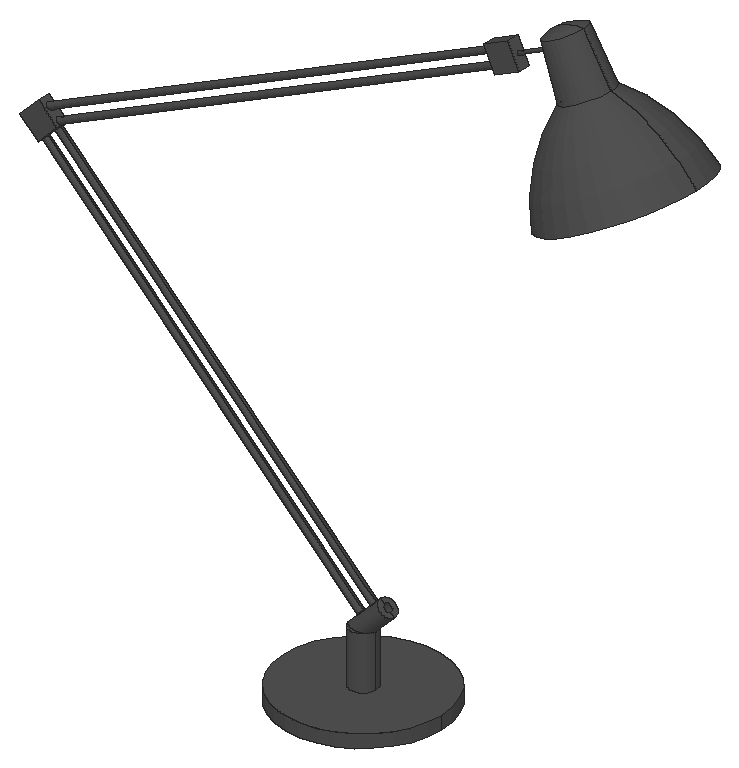
Revit family
Parameters (values of type "60 와트 백열")
  Wattage = 60 W
  built-in parameter 1150110 = 1 (stored number, unit not read)
  built-in parameter 1114217 = 1 (stored number, unit not read)
  built-in parameter 1150109 = 1 (stored number, unit not read)
  built-in parameter 1150134 = 4
  built-in parameter 1150113 = 1 (stored number, unit not read)
  Tilt Angle = 90.00°
  built-in parameter 1010507 = 1.5708 (stored number, unit not read)
  built-in parameter 1010506 = 0.5236 (stored number, unit not read)
  built-in parameter 1150115 = 1 (stored number, unit not read)
  built-in parameter 1150105 = 2858.8 (stored number, unit not read)
  Light Source Symbol Length = 1000 mm
  built-in parameter 1150137 = (empty or 0)
  built-in parameter 1150139 = (empty or 0)
  built-in parameter 1150112 = 1 (stored number, unit not read)
  built-in parameter 1150114 = 1 (stored number, unit not read)
  Lamp = "A-19"
  Lumens = 855 lm
  음영처리 = 금속 - 크롬
  스탠드 = 금속 - 크롬
  Wattage Comments = "60"
  built-in parameter 1150132 = (empty or 0)
  built-in parameter 1150102 = (empty or 0)
  built-in parameter 1150138 = (empty or 0)
  built-in parameter 1150107 = 2800 (stored number, unit not read)
  built-in parameter 1150106 = 28.588 (stored number, unit not read)
  built-in parameter 1150104 = 1.3239 (stored number, unit not read)
  Dimming Lamp Color Temperature Shift = (empty or 0)
  Color Filter = 16777215
  built-in parameter 1114218 = 1 (stored number, unit not read)
  built-in parameter 1150133 = 10 (stored number, unit not read)
Types (3, lengths in mm): name | Wattage | built-in parameter 1150105 | Lamp | Lumens | Wattage Comments | built-in parameter 1150106 | built-in parameter 1150104
  (no name) | 60 W | 2858.8 (stored number, unit not read) | "A-19" | 855 lm | "60" | 28.588 (stored number, unit not read) | 1.3239 (stored number, unit not read)
  100 와트 백열 | 100 W | 4012.3 (stored number, unit not read) | "R-30" | 1200 lm | "100" | 40.123 (stored number, unit not read) | 1.1148 (stored number, unit not read)
  60 와트 백열 | 60 W | 2858.8 (stored number, unit not read) | "A-19" | 855 lm | "60" | 28.588 (stored number, unit not read) | 1.3239 (stored number, unit not read)
Reference planes
  plane 1 "광원 축": y = 0
  plane 2: z = 0
  plane 3: through (-31.75, 0, 31.75) normal (-0.7071, 0, 0.7071)
  plane 4: through (34.245, 0, 34.245) normal (0.7071, 0, 0.7071)
  plane 5: through (52.205, 0, 52.205) normal (0.7071, 0, 0.7071)
  plane 6: through (48.637, 0, 48.637) normal (0.7071, 0, 0.7071)
  plane 7: through (-213.455, 0, 457.757) normal (0.4226, 0, -0.9063)
  plane 8: through (-210.772, 0, 452.002) normal (0.4226, 0, -0.9063)
  plane 9: through (-206.746, 0, 443.369) normal (0.4226, 0, -0.9063)
  plane 10: through (-204.063, 0, 437.614) normal (0.4226, 0, -0.9063)
  plane 11: through (-208.371, 0, 446.853) normal (0.4226, 0, -0.9063)
  plane 12: through (363.488, 0, 169.497) normal (0.9063, 0, 0.4226)
  plane 13: through (455.569, 0, 212.435) normal (0.9063, 0, 0.4226)
  plane 14: through (392.263, 0, 182.915) normal (0.9063, 0, 0.4226)
  plane 15: through (426.793, 0, 199.017) normal (0.9063, 0, 0.4226)
  plane 16: through (-177.757, 0, 381.201) normal (0.4226, 0, -0.9063)
  plane 17 "광원 축": x = 228.6
  plane 18 "광원 입면도": z = 575
  plane 19: z = 575
  plane 20: x = 228.6
Forms (mm)
  Extrusion 1, solid, material "금속 - 크롬" <- "스탠드"
    sketch origin (0, 0, 0) x (1, 0, 0) y (0, 1, 0)
      loop
        circle (0, 0) r 76.2
    from 0 to 12.7
  Revolve 2, solid, material "금속 - 크롬" <- "스탠드"
    sketch origin (0, 0, 0) x (1, 0, 0) y (0, 0, 1)
      loop
        line (-12.7, 12.7) -> (0, 12.7) -> (0, 63.5) -> (-12.7, 63.5) -> (-12.7, 12.7)
      axis (0, 63.5) -> (0, 12.7)
    angle from 0 to 360
  Revolve 3, solid, material "금속 - 크롬" <- "스탠드"
    sketch origin (0, 0, 0) x (1, 0, 0) y (0, 0, 1)
      loop
        line (-12.7, 63.5) -> (-5.965, 63.5) -> (20.976, 90.441) -> (17.608, 93.808) -> (-12.7, 63.5)
      axis (-6.35, 57.15) -> (23.958, 87.458)
    angle from 0 to 360
  Revolve 4, solid, material "금속 - 크롬" <- "스탠드"
    sketch origin (0, 0, 0) x (1, 0, 0) y (0, 0, 1)
      loop
        line (-4.218, 72.707) -> (-1.973, 74.952) -> (-325.262, 398.241) -> (-327.507, 395.996) -> (-4.218, 72.707)
      axis (-1.973, 74.952) -> (-325.262, 398.241)
    angle from 0 to 360
  Revolve 5, solid, material "금속 - 크롬" <- "스탠드"
    sketch origin (0, 0, 0) x (1, 0, 0) y (0, 0, 1)
      loop
        line (10.537, 86.737) -> (12.782, 88.982) -> (-310.596, 412.36) -> (-312.841, 410.115) -> (10.537, 86.737)
      axis (10.537, 86.737) -> (-312.841, 410.115)
    angle from 0 to 360
  Extrusion 6, solid, material "금속 - 크롬" <- "스탠드"
    sketch origin (0, 0, 0) x (1, 0, 0) y (0, 0, 1)
      loop
        line (-327.507, 395.996) -> (-309.546, 378.036) -> (-291.586, 395.996) -> (-309.546, 413.957) -> (-327.507, 395.996)
    from -6.35 to 6.35
  Revolve 7, solid, material "금속 - 크롬" <- "스탠드"
    sketch origin (0, 0, 0) x (1, 0, 0) y (0, 0, 1)
      loop
        line (-304.081, 408.491) -> (133.304, 612.447) -> (132.043, 615.151) -> (-306.326, 410.736) -> (-304.081, 408.491)
      axis (-305.065, 408.032) -> (133.304, 612.447)
    angle from 0 to 360
  Revolve 8, solid, material "금속 - 크롬" <- "스탠드"
    sketch origin (0, 0, 0) x (1, 0, 0) y (0, 0, 1)
      loop
        line (-294.421, 395.479) -> (142.963, 599.435) -> (141.621, 602.312) -> (-295.763, 398.357) -> (-294.421, 395.479)
      axis (-295.763, 398.357) -> (141.621, 602.312)
    angle from 0 to 360
  Extrusion 9, solid, material "금속 - 크롬" <- "스탠드"
    sketch origin (0, 0, 0) x (1, 0, 0) y (0, 0, 1)
      loop
        line (145.184, 624.993) -> (122.393, 614.366) -> (133.128, 591.345) -> (155.919, 601.973) -> (145.184, 624.993)
    from -6.35 to 6.35
  Revolve 10, solid, material "금속 - 크롬" <- "스탠드"
    sketch origin (0, 0, 0) x (1, 0, 0) y (0, 0, 1)
      loop
        line (150.269, 614.089) -> (184.799, 630.191) -> (184.128, 631.629) -> (149.598, 615.528) -> (150.269, 614.089)
      axis (184.799, 630.191) -> (150.269, 614.089)
    angle from 0 to 360
  Revolve 11, solid, material "금속 - 크롬" <- "음영처리"
    sketch origin (0, 0, 0) x (1, 0, 0) y (0, 0, 1)
      loop
        line (178.154, 640.434) -> (195.93, 591.596)
        arc (195.93, 591.596) -> (182.483, 542.231) -> (186.135, 491.198) r 152.38
        line (186.135, 491.198) -> (188.244, 491.966)
        arc (188.244, 491.966) -> (184.97, 543.239) -> (198.922, 592.685) r 152.38
        line (198.922, 592.685) -> (181.547, 640.422)
        arc (181.547, 640.422) -> (186.883, 646.929) -> (194.24, 651.014) r 22.437
        line (194.24, 651.014) -> (193.262, 653.111)
        arc (193.262, 653.111) -> (184.705, 647.968) -> (178.154, 640.434) r 31.933
      axis (193.89, 653.404) -> (254.716, 522.962)
    angle from 0 to 360
Lines and regions (mm)
  symbolic lines
    curve 1: arc (76.2, 0, 0) -> (0, 76.2, 0) -> (-76.2, 0, 0) r 76.2
    curve 2: arc (-76.2, 0, 0) -> (0, -76.2, 0) -> (76.2, 0, 0) r 76.2
    curve 3: arc (330.405, 0, 0) -> (254.205, 76.2, 0) -> (178.005, 0, 0) r 76.2
    curve 4: arc (178.005, 0, 0) -> (254.205, -76.2, 0) -> (330.405, 0, 0) r 76.2
    curve 5: arc (12.7, 0, 0) -> (0, 12.7, 0) -> (-12.7, 0, 0) r 12.7
    curve 6: arc (-12.7, 0, 0) -> (0, -12.7, 0) -> (12.7, 0, 0) r 12.7
    curve 7: line (-291.586, 0, 0) -> (178.005, 0, 0)
    curve 8: line (-327.507, 6.35, 0) -> (-291.586, 6.35, 0)
    curve 9: line (-327.507, 6.35, 0) -> (-327.507, -6.35, 0)
    curve 10: line (-327.507, -6.35, 0) -> (-291.586, -6.35, 0)
    curve 11: line (-291.586, 6.35, 0) -> (-291.586, -6.35, 0)
Dimensions and locks
  aligned and locked: plane 1 "광원 축" to imposter light
  aligned and locked: plane 19 to imposter light
  aligned and locked: plane 20 to imposter light
  aligned and locked: plane 20 to plane 17 "광원 축"
  aligned and locked: plane 19 to plane 18 "광원 입면도"
